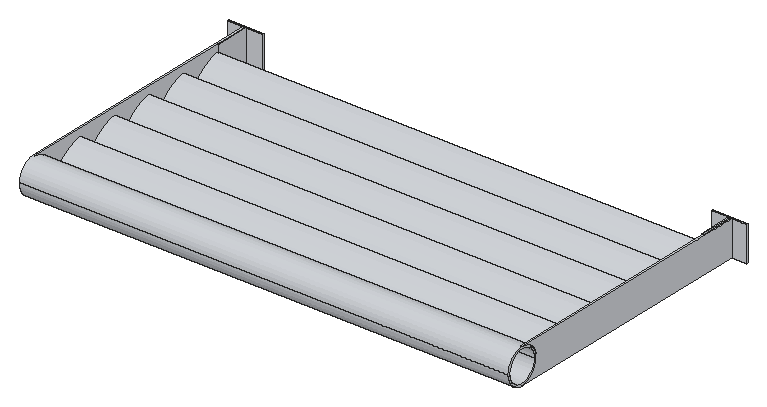
Revit family "Prism Series", category Mechanical Equipment, Revit 2015
Parameters
  width = 7' - 0"
  projection = 4' - 0"
  height [instance] = 0' - 6"
  blade spacing = 0' - 7.39813"
  blade number = ((projection - 1' 0") / (blade spacing))  # 5
  blade length = width - 0' 0 1/4" - 0' 0 1/4"  # 6' - 11 1/2"
  blade 1 [instance] = 0' - 1"
Reference planes (in)
  plane 1 "Center (Front/Back)": y = 0
  plane 2: z = 0
  plane 3 "Center (Left/Right)": x = 0
  plane 4: y = 24
  plane 5: y = -24
  plane 6: x = -42
  plane 7: x = 42
  plane 8: z = 3
  plane 9: z = -3
  plane 10: y = -18
  plane 11: x = -41.75
  plane 12: x = 41.75
  plane 13: y = 24.25
  plane 14: x = -41.5
  plane 15: z = 1.875
  plane 16: y = -17
Forms (in)
  Extrusion 1, solid
    sketch origin (0, 0, 0) x (0, 1, 0) y (0, 0, 1)
      loop
        line (-21, -3) -> (24, -3) -> (24, 3) -> (-21, 3)
        arc (-21, 3) -> (-18, 0) -> (-21, -3) r 3
    from -42 to -41.75
  Extrusion 2, solid
    sketch origin (0, 14.54657, -3) x (0, 1, 0) y (0, 0, 1)
      loop
        circle (-35.54657, 3) r 3
      loop
        circle (-35.54657, 3) r 2.75
    from -42 to 42
  Extrusion 3, solid
    sketch origin (0, 0, 0) x (0, 1, 0) y (0, 0, -1)
      loop
        arc (-21, 3) -> (-18, 0) -> (-21, -3) r 3
        line (-21, -3) -> (24, -3) -> (24, 3) -> (-21, 3)
    from -42 to -41.75
  Extrusion 4, solid
    sketch origin (0, 0, 0) x (1, 0, 0) y (0, 1, 0)
      loop
        line (-41.75, 18.25) -> (-41.5, 18.25) -> (-41.5, 24) -> (-38.625, 24) -> (-38.625, 24.25) -> (-44.625, 24.25) -> (-44.625, 24) -> (-41.75, 24) -> (-41.75, 18.25)
    from -3 to 3
  Extrusion 5, solid
    sketch origin (0, 0, 0) x (-1, 0, 0) y (0, -1, 0)
      loop
        line (-41.75, -18.25) -> (-41.75, -24) -> (-44.625, -24) -> (-44.625, -24.25) -> (-38.625, -24.25) -> (-38.625, -24) -> (-41.5, -24) -> (-41.5, -18.25) -> (-41.75, -18.25)
    from -3 to 3
Dimensions and locks (in)
  equal spacing: plane 4, plane 1 "Center (Front/Back)", plane 5
  "projection": plane 4 to plane 5
  equal spacing: plane 6, plane 3 "Center (Left/Right)", plane 7
  "width": plane 6 to plane 7
  equal spacing: plane 8, level, plane 9
  "height": plane 8 to plane 9
  locked: plane 10 to plane 5 at 6
  locked: plane 6 to plane 11 at 0.25
  locked: plane 12 to plane 7 at 0.25
  locked: plane 13 to plane 4 at 0.25
  locked: plane 11 to plane 14 at 0.25
  locked: plane 15 to plane 8 at 1.125
  "blade 1": plane 16 to plane 10
  equal spacing: group 1, group 2, group 3, group 4, group 5  (x3)
  "blade spacing": nested 2 to nested 1
  aligned and locked: level to plane 2
  aligned and locked: Extrusion 1 to plane 6
  aligned and locked: Extrusion 1 to plane 11
  aligned and locked: plane 10 to Extrusion 2
  aligned and locked: level to Extrusion 2
  aligned and locked: plane 6 to Extrusion 2
  aligned and locked: Extrusion 2 to plane 7
  aligned and locked: Extrusion 3 to plane 7
  aligned and locked: plane 12 to Extrusion 3
  aligned and locked: plane 4 to Extrusion 3
  aligned and locked: Extrusion 4 to plane 9
  aligned and locked: plane 8 to Extrusion 4
  aligned and locked: plane 3 "Center (Left/Right)" to nested 1
  aligned and locked: plane 15 to nested 1
  aligned and locked: plane 16 to nested 1
Automatic sketch dimensions
  Extrusion 1 sketch curve to plane 9 = 0' - 0"  (x2)
  Extrusion 1 sketch curve to plane 8 = 0' - 0"  (x2)
  Extrusion 1 sketch curve to plane 4 = 0' - 0"
  plane 5 to Extrusion 1 sketch curve = 0' - 3"
  Extrusion 1 sketch curve to Extrusion 1 sketch curve = 0' - 0"  (x2)
  Extrusion 2 sketch curve to Extrusion 2 sketch curve = 0' - 0"  (x2)
  Extrusion 2 sketch curve to level = 0' - 0"
  plane 5 to Extrusion 2 sketch curve = 0' - 3"
  Extrusion 3 sketch curve to plane 9 = 0' - 0"  (x2)
  Extrusion 3 sketch curve to plane 8 = 0' - 0"  (x2)
  Extrusion 3 sketch curve to plane 4 = 0' - 0"
  plane 5 to Extrusion 3 sketch curve = 0' - 3"
  Extrusion 3 sketch curve to Extrusion 3 sketch curve = 0' - 0"  (x2)
  plane 13 to Extrusion 4 sketch curve = 0' - 0"
  Extrusion 4 sketch curve to plane 4 = 0' - 0"  (x2)
  Extrusion 4 sketch curve to plane 11 = 0' - 0"
  Extrusion 4 sketch curve to plane 14 = 0' - 0"
  plane 6 to Extrusion 4 sketch curve = 0' - 2 5/8"
  Extrusion 4 sketch curve to Extrusion 4 sketch curve = 0' - 2 7/8"
  Extrusion 4 sketch curve to plane 4 = 0' - 5 3/4"
  plane 13 to Extrusion 5 sketch curve = 0' - 0"
  Extrusion 5 sketch curve to plane 4 = 0' - 0"  (x2)
  Extrusion 5 sketch curve to plane 12 = 0' - 0"
  plane 7 to Extrusion 5 sketch curve = 0' - 2 5/8"
  Extrusion 5 sketch curve to plane 12 = 0' - 0 1/4"
  Extrusion 5 sketch curve to Extrusion 5 sketch curve = 0' - 2 7/8"
  plane 4 to Extrusion 5 sketch curve = 0' - 5 3/4"
  radius of Extrusion 2 sketch curve = 0' - 3"
  radius of Extrusion 2 sketch curve = 0' - 2 3/4"
Nested families (in)
  nested 1: "Prism Series blade" at (0, -7.90471, -5.45299), type "Prism Series blade"
    with Blade Length 6' - 11 1/2"
  nested 2: "Prism Series blade" at (0, -0.50658, -5.45299), type "Prism Series blade"
    with Blade Length 6' - 11 1/2"
  nested 3: "Prism Series blade" at (0, 6.89155, -5.45299), type "Prism Series blade"
    with Blade Length 6' - 11 1/2"
  nested 4: "Prism Series blade" at (0, 14.28968, -5.45299), type "Prism Series blade"
    with Blade Length 6' - 11 1/2"
  nested 5: "Prism Series blade" at (0, 21.6878, -5.45299), type "Prism Series blade"
    with Blade Length 6' - 11 1/2"
Definition of nested family "Prism Series blade"
  Parameters (values of type "Prism Series blade")
    Blade Length = 3' - 0"
  Reference planes (in)
    plane 1 "Center (Front/Back)": y = 0
    plane 2: z = 0
    plane 3 "Center (Left/Right)": x = 0
    plane 4: x = -18
    plane 5: x = 18
  Forms (in)
    Extrusion 1, solid
      sketch origin (0, 0, 0) x (0, 1, 0) y (0, 0, 1)
        loop
          arc (-3.63068, 7.32799) -> (-6.79311, 6.0291) -> (-9.09529, 3.50163) r 7.79304
          arc (-9.09529, 3.50163) -> (-5.93285, 4.80052) -> (-3.63068, 7.32799) r 7.79304
        loop
          arc (-3.8793, 7.1539) -> (-6.72142, 5.9267) -> (-8.84667, 3.67571) r 7.66804
          arc (-8.84667, 3.67571) -> (-6.00455, 4.90291) -> (-3.8793, 7.1539) r 7.66804
      from -18 to 18
  Dimensions and locks (in)
    equal spacing: plane 4, plane 3 "Center (Left/Right)", plane 5
    "Blade Length": plane 4 to plane 5
    aligned and locked: level to plane 2
    aligned and locked: plane 4 to Extrusion 1
    aligned and locked: Extrusion 1 to plane 5
  Automatic sketch dimensions
    Extrusion 1 sketch curve to Extrusion 1 sketch curve = 0' - 0"  (x4)
    plane 1 "Center (Front/Back)" to Extrusion 1 sketch curve = 0' - 10.40276"
    Extrusion 1 sketch curve to level = 0' - 0.35459"
    plane 1 "Center (Front/Back)" to Extrusion 1 sketch curve = 0' - 2.32321"
    level to Extrusion 1 sketch curve = 0' - 11.1842"
    level to Extrusion 1 sketch curve = 0' - 3.50163"
    Extrusion 1 sketch curve to Extrusion 1 sketch curve = 0' - 1.30747"
    Extrusion 1 sketch curve to Extrusion 1 sketch curve = 0' - 0.24862"  (x2)
